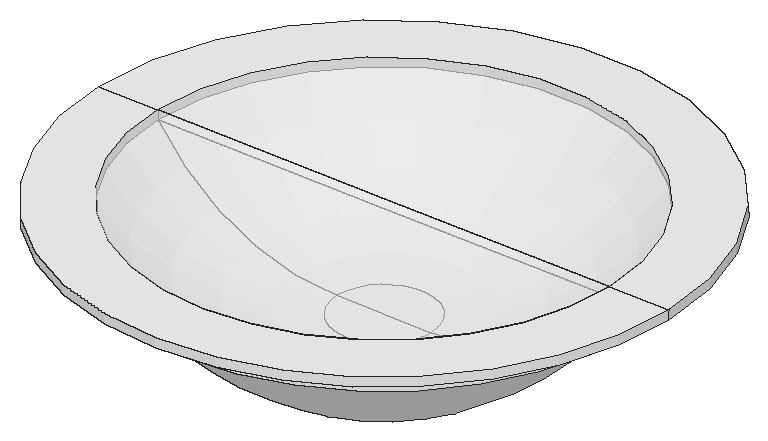
Revit family "0030326 Sylvania Lighting Fixture ST DWNLT 175 IP44 1425LM 830", category Lighting Fixtures, host Face, Revit 2016
Family settings
  Host = Face
  Part Type = Normal
  Round Connector Dimension = Use Diameter
  OmniClass Number = 23.80.70.00
  OmniClass Title = Lighting
  Cut with Voids When Loaded = No
  Light Source = Yes
  Shared = No
  Room Calculation Point = No
Parameters (values of type "0030326 ST DWNLT 175 IP44 1425LM 830")
  Weight = "kg"
  Wattage Comments = ""
  Wattage = 15 W
  WarrantyStartDate [instance] = "n/a"
  WarrantyGuarantorParts = "n/a"
  WarrantyDurationUnit = "n/a"
  WarrantyDurationParts = "n/a"
  WarrantyDescription = "n/a"
  built-in parameter 1150110 = 1 (stored number, unit not read)
  Voltage = 230 V
  URL = "http://www.sylvania-lighting.com"
  TypeName = "ST DWNLT 175 IP44 1425LM 830"
  Type Image = <None>
  Type Comments = "n/a"
  built-in parameter 1114217 = 1 (stored number, unit not read)
  Tilt Angle = -90.00°
  built-in parameter 1150109 = 1 (stored number, unit not read)
  built-in parameter 1150134 = (empty or 0)
  built-in parameter 1150113 = 1 (stored number, unit not read)
  SerialNumber [instance] = "n/a"
  S_SYL = no
  RadiusTop_SYL = if(S_SYL, 80 mm, if(M_SYL, 100 mm, if(L_SYL, 120 mm, 120 mm)))  # 100 mm
  Photometric Web File = "0030326.ies"
  Material_3_FEILO = Top-Sylvania-STARTDownlight
  PowerFactor = 0.9
  PowerConsumption = "15 W"
  NominalLength = 195 mm
  NominalHeight = 47 mm
  NominalDepth = 195 mm
  Name = "ST DWNLT 175 IP44 1425LM 830"
  ModelReference = Name  # "ST DWNLT 175 IP44 1425LM 830"
  ModelNumber = "0030326"
  Model = Name  # "ST DWNLT 175 IP44 1425LM 830"
  Material = "aluminium housing, polycarbonate diffuser"
  ManufacturerName = "Feilo Sylvania"
  Manufacturer = "Feilo Sylvania"
  M_SYL = yes
  LuminousEfficacy = "95 lm/W"
  built-in parameter 1150105 = 790.33 (stored number, unit not read)
  Lumens = 1425 lm
  LuminaireType = ""
  built-in parameter 1150115 = 1 (stored number, unit not read)
  LightOutputRatio = "100"
  built-in parameter 1150137 = (empty or 0)
  built-in parameter 1150139 = (empty or 0)
  LampsType = Lamp  # "LED"
  LampNominalLuminous = "1425 lm"
  LampMacAdamStep = "5"
  LampColourTemperature = "3000 K"
  LampColourRenderingIndex = "80"
  built-in parameter 1150112 = 1 (stored number, unit not read)
  built-in parameter 1150114 = 1 (stored number, unit not read)
  Lamp = "LED"
  L_SYL = no
  Keynote = "16500"
  InstallationDate [instance] = "n/a"
  InputVoltage = "220-240V~"
  InputNominalFrequency = "50/60 Hz"
  built-in parameter 1150132 = (empty or 0)
  built-in parameter 1150102 = (empty or 0)
  built-in parameter 1150107 = 3000 (stored number, unit not read)
  built-in parameter 1150138 = (empty or 0)
  IngressProtection = "IP20/44"
  ImpactProtectionIndex = "IK07"
  built-in parameter 1150106 = 7.9033 (stored number, unit not read)
  IfcExportType = "IfcLightFixtureType"
  IfcExportAs = "IfcLightFixtureType"
  Height_SYL = if(S_SYL, 41 mm, if(M_SYL, 47 mm, if(L_SYL, 56 mm, 62 mm)))  # 47 mm
  ExpectedLife = 50000
  Emit from Circle Diameter = Diameter_SYL - 40 mm  # 153 mm
  Emit Shape Visible in Rendering = no
  ElectricShockClassification = "Class II"
  built-in parameter 1150104 = 8.8258 (stored number, unit not read)
  DurationUnit = "hours"
  DocumentationLiterature = "http://www.sylvania-lighting.com/product/en-int/products/0030326"
  DimmingControlOptions = "Non dimmable"
  Material_2_FEILO = Diffuser-Sylvania-STARTDownlight
  Dimming Lamp Color Temperature Shift = <None>
  Diameter_SYL = if(S_SYL, 164 mm, if(M_SYL, 193 mm, if(L_SYL, 220 mm, 240 mm)))  # 193 mm
  DiameterTop_SYL = if(S_SYL, 77 mm, if(M_SYL, 81 mm, if(L_SYL, 104 mm, 105 mm)))  # 81 mm
  DiameterRecess_SYL = if(S_SYL, 141 mm, if(M_SYL, 169 mm, if(L_SYL, 198 mm, 216 mm)))  # 169 mm
  Description = ""
  Default Elevation = 1219.2 mm
  CreatedOn = "8/1/2018"
  CreatedBy = "@sylvania-lighting.com"
  Cost = 0
  Color Filter = 16777215
  built-in parameter 1114216 [instance] = (empty or 0)
  ClassificationValue = "EF_70_80"
  ClassificationName = "Uniclass2015"
  Material_1_FEILO = Trim-Sylvania-STARTDownlight-White
  BarCode [instance] = "n/a"
  built-in parameter 1114218 = 1 (stored number, unit not read)
  built-in parameter 1150133 = 10 (stored number, unit not read)
  AssetType = "Fixed"
  AssetIdentifier [instance] = "n/a"
  Assembly Code = "D5020200"
  Apparent Load = 15 VA
  Material_4_FEILO = LED-Sylvania-STARTDownlight
Reference planes
  plane 1 "Center (Front/Back)": y = 0
  plane 2: z = 0
  plane 3 "Center (Left/Right)": x = 0
  plane 4: x = 96.5
  plane 5: x = -96.5
  plane 6: z = 3
  plane 7: z = -8
  plane 8: z = -42
  plane 9: z = -44
  plane 10: x = -84.5
  plane 11: x = 84.5
  plane 12: x = -40.5
  plane 13: x = 40.5
  plane 14: x = -76.5
  plane 15: x = 76.5
  plane 16: z = -85
  plane 17: x = -76.5
  plane 18: z = 2
  plane 19: z = -32
  plane 20: x = -16
Forms (mm)
  Revolve 1, solid
    sketch origin (0, 0, 0) x (1, 0, 0) y (0, 0, 1)
      loop
        line (-96.5, 3) -> (-96.5, 0) -> (-84.5, 0) -> (-84.5, -8) -> (-76.5, -8)
        arc (-76.5, -8) -> (-60.638, -27.264) -> (-40.5, -42) r 100
        line (-40.5, -42) -> (0, -42) -> (0, -32) -> (-16, -32)
        arc (-16, -32) -> (-50.221, -23.507) -> (-76.5, 0) r 73.191
        line (-76.5, 0) -> (-76.5, 3) -> (-96.5, 3)
      axis (0, 3) -> (0, -42)
    angle from 360 to 0
  Revolve 2, void
    sketch origin (0, 0, 0) x (1, 0, 0) y (0, 0, 1)
      loop
        line (0, 0) -> (-84.5, 0) -> (-84.5, -85) -> (0, -85) -> (0, 0)
      axis (0, 0) -> (0, -85)
    angle from 360 to 0
  Revolve 3, solid, material "Diffuser-Sylvania-STARTDownlight" <- "Material_2_FEILO"
    sketch origin (0, 0, 0) x (1, 0, 0) y (0, 0, 1)
      loop
        line (-76.5, 3) -> (-76.5, 0) -> (0, 0) -> (0, 3) -> (-76.5, 3)
      axis (0, 3) -> (0, 0)
    angle from 360 to 0
Dimensions and locks
  equal spacing: plane 4, plane 3 "Center (Left/Right)", plane 5
  "Diameter_SYL": plane 4 to plane 5
  equal spacing: plane 11, plane 3 "Center (Left/Right)", plane 10
  equal spacing: plane 13, plane 3 "Center (Left/Right)", plane 12
  "DiameterTop_SYL": plane 13 to plane 12
  equal spacing: plane 15, plane 3 "Center (Left/Right)", plane 14
  locked: plane 6 to plane 2 at 3
  "Height_SYL": plane 6 to plane 9
  locked: plane 8 to plane 9 at 2
  locked: plane 2 to plane 7 at 8
  locked: plane 2 to plane 16 at 85
  locked: plane 17 to plane 5 at 20
  locked: plane 6 to plane 18 at 1
  "DiameterRecess_SYL": plane 11 to plane 10
  locked: plane 19 to plane 8 at 10
  locked: plane 3 "Center (Left/Right)" to plane 20 at 16
  locked: plane 14 to plane 5 at 20
  "RadiusTop_SYL": radius of Revolve 1 sketch curve
  aligned and locked: plane 2 to host face
  aligned and locked: level to host face
  aligned and locked: Revolve 1 sketch curve to plane 5
  aligned and locked: Revolve 1 sketch curve to level
  aligned and locked: plane 7 to Revolve 1 sketch curve
  aligned and locked: Revolve 1 sketch curve to plane 10
  aligned and locked: plane 14 to Revolve 1 sketch curve
  aligned and locked: plane 3 "Center (Left/Right)" to Revolve 1 sketch curve
  aligned and locked: Revolve 1 sketch curve to plane 8
  aligned and locked: Revolve 1 sketch curve to plane 3 "Center (Left/Right)"
  aligned and locked: Revolve 2 sketch curve to plane 3 "Center (Left/Right)"
  aligned and locked: plane 3 "Center (Left/Right)" to Revolve 2 sketch curve
  aligned and locked: Revolve 2 sketch curve to plane 10
  aligned and locked: plane 16 to Revolve 2 sketch curve
  aligned and locked: Revolve 1 sketch curve to plane 6
  aligned and locked: plane 19 to Revolve 1 sketch curve
  aligned and locked: plane 20 to Revolve 1 sketch curve
  aligned and locked: Revolve 1 sketch curve to Revolve 1 sketch curve
  aligned and locked: plane 17 to Revolve 1 sketch curve
  aligned and locked: plane 2 to Revolve 1 sketch curve
  aligned and locked: Revolve 3 sketch curve to plane 3 "Center (Left/Right)"  (x2)
  aligned and locked: plane 3 "Center (Left/Right)" to imposter light
  aligned and locked: imposter light to plane 18
  aligned and locked: imposter light to plane 1 "Center (Front/Back)"
  aligned and locked: plane 14 to Revolve 3 sketch curve
Automatic sketch dimensions
  host sketch curve to host sketch curve = 2438.4 mm  (x2)
  plane 16 to Revolve 2 sketch curve = 524.6 mm
  Revolve 2 sketch curve to plane 6 = 2606.058 mm
  Revolve 1 sketch curve to plane 12 = 0 mm
  plane 16 to Revolve 1 sketch curve = 524.6 mm
  Revolve 1 sketch curve to Revolve 1 sketch curve = 2581.366 mm
  Revolve 2 sketch curve to level = 0 mm
  Revolve 3 sketch curve to plane 6 = 0 mm
  Revolve 3 sketch curve to level = 0 mm
  plane 16 to Revolve 3 sketch curve = 524.6 mm
  Revolve 3 sketch curve to Revolve 3 sketch curve = 2606.058 mm
Connectors
  electrical at (0, 0, 0), driven by "Apparent Load", driven by "PowerFactor", driven by "Voltage"
    settings: index 1, voltage 230 V, apparent load 15 VA, apparent load phase1 0 VA, apparent load phase2 0 VA, apparent load phase3 0 VA, power factor 0.9, load classification "Lighting", number of poles 1, system type 30, power factor state 1, is connector primary yes, connector utility no, sub classification motor no, connector description ""
